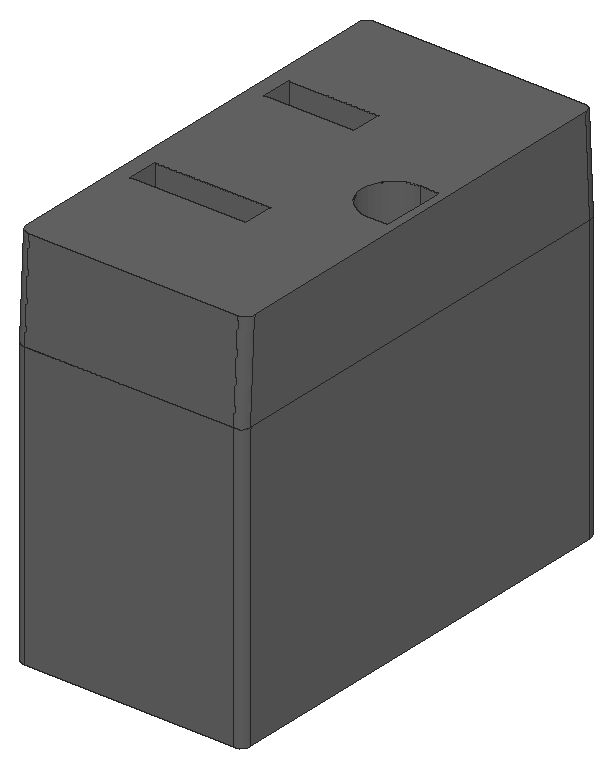
Revit family "Domotics-DomesticRanges-GEWISS-SYSTEM_POWER-SOCKET-OUTLET_USA_125V", category Apparecchi elettrici, host Superficie, Revit 2016
Family settings
  Host = Superficie
  Mantenere orientamento annotazione = Sì
  Tipo di parte = Normale
  Quota connettore circolare = Usa diametro
  Taglio con vuoti quando caricato = Sì
  Condiviso = Sì
  Punto di calcolo locali = Sì
Parameters (values of type "GW21214 - 2P+E 15A 125V usa s.-outlet black")
  Voltage: = "250/125V AC"
  Voltage = "250/125V AC"
  Volt = 230 V
  Vista in pianta [instance] = yes
  Version file RFA = "19.4"
  URL = "https://www.gewiss.com/ww/en"
  Tipo = System Prese Usa_GENERICO : GW21214 Presa 2P+T 15A 125V standard USA nero
  Technical sheet = "https://www.gewiss.com/ww/en/search?q=GW21214"
  TXT ELETTRICO = "15"
  Standard: = "USA"
  Standard = "USA"
  Simbolo [instance] = yes
  Shape = "Parallel horizontal"
  SEO = "Socket outlet"
  Realized by GEWISS S.p.A. = ""
  Default Elevation = 1219.2 mm
  Produttore = "GEWISS S.p.A."
  Offset presa [instance] = 0 mm
  Offset bidimensionale [instance] = 39 mm
  No. SYSTEM modules = "1"
  N. poli = 1
  Modello = "GW21214"
  Immagine tipo = GW21214.jpg
  IFC.TypeObject = ""
  IFC.ExportType = ""
  IFC.ExportAs = ""
  IDT = "fad1e021-e11a-42c0-b11a-ea34ad6a3e0e"
  IDF = "6c3631f0-4860-44a4-90e4-88446daf7761"
  For plug pins = "Flat"
  Electrocod = "0131"
  EAN code = "8011564128545"
  Distanza_x [instance] = 0 mm
  Distanza_effettiva_y [instance] = 100 mm
  Distanza_effettiva_x [instance] = 1000 mm - Distanza_x  # 1000 mm
  Distanza orizzontale del simbolo [instance] = 30.436 mm
  Distanza dal muro [instance] = 4.208 mm
  Descrizione = "2P+E 15A 125V USA S.-OUTLET SY/BK"
  Description: = "2P+E - 15A 125V ac"
  Description. = "USA"
  Colour = "Black"
  Catalogue Range = "SYSTEM - DOMESTIC RANGE"
  Catalogue = "DOMOTICS"
  Carico apparente = 0 VA
  COBie.Tagnumber = ""
  COBie.CreatedOn = ""
  COBie.CreatebBy = ""
  COBie.ComponentRegisterItemID = ""
  COBie.Component.TagNumber = ""
  COBie.Component.Space = ""
  COBie.Component.SerialNumber = ""
  COBie.Component.InstallationDate = ""
  COBie.Component.Description = ""
  COBie.Component.BarCode = ""
Types (2, lengths in mm): name | Tipo | Technical sheet | Modello | Immagine tipo | IDT | EAN code | Descrizione | Description: | Colour
  GW20214 - 2P+E 15A 125V usa s.-outlet white | System Prese Usa_GENERICO : GW20214 Presa 2P+T 15A 125V standard USA bianco | "https://www.gewiss.com/ww/en/search?q=GW20214" | "GW20214" | GW20214.jpg | "a5f152ea-a662-4689-b253-843633f666be" | "8011564000674" | "2P+E 15A 125V USA S.-OUTLET SY/WT" | "2P+E - 15A - 125V ac" | "White"
  GW21214 - 2P+E 15A 125V usa s.-outlet black | System Prese Usa_GENERICO : GW21214 Presa 2P+T 15A 125V standard USA nero | "https://www.gewiss.com/ww/en/search?q=GW21214" | "GW21214" | GW21214.jpg | "fad1e021-e11a-42c0-b11a-ea34ad6a3e0e" | "8011564128545" | "2P+E 15A 125V USA S.-OUTLET SY/BK" | "2P+E - 15A 125V ac" | "Black"
Reference planes
  plane 1 "Centro (Fronte/Retro)": y = 0
  plane 2: z = 0
  plane 3 "Centro (Sinistra/Destra)": x = 0
  plane 4: x = -1000
  plane 5: x = 0
  plane 6: y = 100
  plane 7: z = 0
  plane 8 "Piano bidimensionale": z = 39
  plane 9: z = 39
Lines and regions (mm)
  Masking region 1, visible <- "Vista in pianta"
    outline origin (0, 0, 0) x (1, 0, 0) y (0, 1, 0)
      loop
        line (11.6, -22.5) -> (11.6, 22.5) -> (-11.6, 22.5) -> (-11.6, -22.5) -> (11.6, -22.5)
      loop
        line (-10, 7.129) -> (-0.872, 7.129) -> (-0.872, 10.313) -> (-10, 10.313) -> (-10, 7.129)
      loop
        arc (8.773, 3.506) -> (5.48, 0.212) -> (8.773, -3.082) r 3.294
        line (8.773, -3.082) -> (10.75, -3.082) -> (10.75, 3.506) -> (8.773, 3.506)
      loop
        line (1.763, -6.705) -> (-10, -6.705) -> (-10, -9.889) -> (1.763, -9.889) -> (1.763, -6.705)
  Masking region 2, visible <- "Vista in pianta"
    outline origin (0, 0, 0) x (1, 0, 0) y (0, 0, 1)
      loop
        line (11.6, 0) -> (11.6, 39) -> (-11.6, 39) -> (-11.6, 0) -> (11.6, 0)
  Masking region 3, visible <- "Vista in pianta"
    outline origin (0, 0, 0) x (0, 1, 0) y (0, 0, 1)
      loop
        line (22.5, 0) -> (22.5, 39) -> (-22.5, 39) -> (-22.5, 0) -> (22.5, 0)
  model lines, style "0", detail levels coarse
    curve 1: line (11.5, -22.5, 39) -> (-11.5, -22.5, 39)
    curve 2: line (-11.5, -22.5, 39) -> (-11.5, 22.5, 39)
    curve 3: line (-11.5, 22.5, 39) -> (11.5, 22.5, 39)
    curve 4: line (11.5, 22.5, 39) -> (11.5, -22.5, 39)
    curve 5: line (-1.074, 10.101, 39) -> (-9.309, 10.101, 39)
    curve 6: line (-9.309, 10.101, 39) -> (-9.309, 6.917, 39)
    curve 7: line (-9.309, 6.917, 39) -> (-1.074, 6.917, 39)
    curve 8: line (-1.074, 6.917, 39) -> (-1.074, 10.101, 39)
    curve 9: line (1.561, -10.101, 39) -> (-9.309, -10.101, 39)
    curve 10: line (-9.309, -10.101, 39) -> (-9.309, -6.917, 39)
    curve 11: line (-9.309, -6.917, 39) -> (1.561, -6.917, 39)
    curve 12: line (1.561, -6.917, 39) -> (1.561, -10.101, 39)
    curve 13: line (7.662, 3.294, 39) -> (9.638, 3.294, 39)
    curve 14: line (9.638, 3.294, 39) -> (9.638, -3.294, 39)
    curve 15: line (9.638, -3.294, 39) -> (7.662, -3.294, 39)
    curve 16: arc (7.662, 3.294, 39) -> (4.368, 0, 39) -> (7.662, -3.294, 39) r 3.294
  model lines, style "0", not visible, detail levels coarse
    curve 17: line (97.651, 7.086, 39) -> (74.651, 7.086, 39)
    curve 18: line (74.651, 7.086, 39) -> (74.651, 52.086, 39)
    curve 19: line (74.651, 52.086, 39) -> (97.651, 52.086, 39)
    curve 20: line (97.651, 52.086, 39) -> (97.651, 7.086, 39)
    curve 21: line (85.077, 39.687, 39) -> (76.842, 39.687, 39)
    curve 22: line (76.842, 39.687, 39) -> (76.842, 36.502, 39)
    curve 23: line (76.842, 36.502, 39) -> (85.077, 36.502, 39)
    curve 24: line (85.077, 36.502, 39) -> (85.077, 39.687, 39)
    curve 25: line (87.712, 19.484, 39) -> (76.842, 19.484, 39)
    curve 26: line (76.842, 19.484, 39) -> (76.842, 22.669, 39)
    curve 27: line (76.842, 22.669, 39) -> (87.712, 22.669, 39)
    curve 28: line (87.712, 22.669, 39) -> (87.712, 19.484, 39)
    curve 29: line (93.813, 32.879, 39) -> (95.789, 32.879, 39)
    curve 30: line (95.789, 32.879, 39) -> (95.789, 26.292, 39)
    curve 31: line (95.789, 26.292, 39) -> (93.813, 26.292, 39)
    curve 32: arc (93.813, 32.879, 39) -> (90.519, 29.586, 39) -> (93.813, 26.292, 39) r 3.294
Dimensions and locks
  plane 4 to plane 3 "Centro (Sinistra/Destra)" = 1000 mm
  "Distanza_effettiva_x": plane 4 to plane 5
  "Distanza_effettiva_y": plane 6 to plane 1 "Centro (Fronte/Retro)"
  "Offset bidimensionale": plane 8 "Piano bidimensionale" to host face
  "Offset presa": plane 7 to host face
  locked: plane 9 to plane 7 at 39
  aligned and locked: plane 2 to host face
  aligned and locked: level to host face
  aligned and locked: plane 5 to nested 1
  aligned and locked: nested 1 to plane 6
  aligned and locked: plane 3 "Centro (Sinistra/Destra)" to nested 2
  aligned and locked: plane 1 "Centro (Fronte/Retro)" to nested 2
  aligned and locked: nested 2 to plane 7
  aligned and locked: nested 2 to plane 9  (x3)
  aligned and locked: Masking region 2 sketch curve to nested 2  (x2)
  aligned and locked: Masking region 2 to plane 7
  aligned and locked: plane 7 to nested 2  (x2)
  aligned and locked: Masking region 2 to plane 9
  aligned and locked: plane 9 to nested 2
  aligned and locked: Masking region 3 sketch curve to nested 2  (x2)
  aligned and locked: Masking region 3 to plane 7
  aligned and locked: plane 9 to Masking region 3
Automatic sketch dimensions
  host sketch curve to host sketch curve = 2438.4 mm  (x2)
  Masking region 1 sketch curve to plane 3 "Centro (Sinistra/Destra)" = 11.6 mm
  plane 3 "Centro (Sinistra/Destra)" to Masking region 1 sketch curve = 11.6 mm
  plane 1 "Centro (Fronte/Retro)" to Masking region 1 sketch curve = 22.5 mm
  Masking region 1 sketch curve to plane 1 "Centro (Fronte/Retro)" = 22.5 mm
  Masking region 1 sketch curve to plane 3 "Centro (Sinistra/Destra)" = 10 mm  (x2)
  Masking region 1 sketch curve to plane 1 "Centro (Fronte/Retro)" = 7.129 mm
  Masking region 1 sketch curve to plane 3 "Centro (Sinistra/Destra)" = 0.872 mm
  Masking region 1 sketch curve to Masking region 1 sketch curve = 3.184 mm  (x2)
  Masking region 1 sketch curve to plane 1 "Centro (Fronte/Retro)" = 3.506 mm
  plane 3 "Centro (Sinistra/Destra)" to Masking region 1 sketch curve = 8.773 mm
  Masking region 1 sketch curve to plane 1 "Centro (Fronte/Retro)" = 0.212 mm
  Masking region 1 sketch curve to Masking region 1 sketch curve = 1.976 mm
  plane 3 "Centro (Sinistra/Destra)" to Masking region 1 sketch curve = 1.763 mm
  plane 1 "Centro (Fronte/Retro)" to Masking region 1 sketch curve = 6.705 mm
  Masking region 2 sketch curve to plane 7 = 0 mm
  Masking region 2 sketch curve to plane 9 = 0 mm
  Masking region 3 sketch curve to plane 7 = 0 mm
  Masking region 3 sketch curve to plane 9 = 0 mm
Nested families
  nested 1: "SIMBOLO PRESE" at (0, 100, 0), TESTO ELETTRICO <- "TXT ELETTRICO", Distanza dal muro <- "Distanza dal muro", SIMBOLO <- "Simbolo", visible <- "Simbolo", type "PRESA"
    with TESTO ELETTRICO "15", SIMBOLO yes, Distanza dal muro 4.208 mm, BORDO ACCESO yes
  nested 2: "System Prese Usa_GENERICO" at (0, 0, 0), type <- "Tipo", type "GW21214 Presa 2P+T 15A 125V standard USA nero", detail levels medium+fine
Connectors
  electrical at (0, 0, 0), driven by "N. poli", driven by "Volt", driven by "Carico apparente"
    settings: on nested 2, index 1, voltage 230 V, apparent load 0 VA, apparent load phase1 0 VA, apparent load phase2 0 VA, apparent load phase3 0 VA, power factor 1, load classification "Altro", number of poles 1, system type 31, power factor state 1, is connector primary yes, connector utility no, sub classification motor no, connector description ""
Definition of nested family "System Prese Usa_GENERICO"
  Parameters (values of type "GW21214 Presa 2P+T 15A 125V standard USA nero")
    L = 23.2 mm
    Finitura Presa USA = none
    Altezza da Terra = 750 mm
  Types (4, lengths in mm): name | L
    GW20214 Presa 2P+T 15A 125V standard USA bianco | 23.2
    GW21214 Presa 2P+T 15A 125V standard USA nero | 23.2
    GW20216 Presa 2P+T 15A 250V standard USA bianco | 23
    GW21216 Presa 2P+T 15A 250V standard USA nero | 23.2
  Reference planes
    plane 1 "Centro (Fronte/Retro)": y = 0
    plane 2: z = 0
    plane 3 "Centro (Sinistra/Destra)": x = 0
    plane 4: y = -22.5
    plane 5: y = 22.5
    plane 6: x = -11.6
    plane 7: x = 11.6
    plane 8: z = 39
    plane 9: z = 29
  Forms (mm)
    Extrusion 1, solid, material <- "Finitura Presa USA"
      sketch origin (0, -772.5, 2.5) x (1, 0, 0) y (0, 1, 0)
        loop
          arc (-10.6, 795) -> (-11.307, 794.707) -> (-11.6, 794) r 1
          line (-11.6, 794) -> (-11.6, 751)
          arc (-11.6, 751) -> (-11.307, 750.293) -> (-10.6, 750) r 1
          line (-10.6, 750) -> (10.6, 750)
          arc (10.6, 750) -> (11.307, 750.293) -> (11.6, 751) r 1
          line (11.6, 751) -> (11.6, 794)
          arc (11.6, 794) -> (11.307, 794.707) -> (10.6, 795) r 1
          line (10.6, 795) -> (-10.6, 795)
      from 26.5 to -2.5
    Blend 2, solid, material <- "Finitura Presa USA"
      base sketch origin (-1.9, -1122.029, 2.5) x (1, 0, 0) y (0, 1, 0)
        loop
          arc (-8.7, 1144.529) -> (-9.407, 1144.236) -> (-9.7, 1143.529) r 1
          line (-9.7, 1143.529) -> (-9.7, 1100.529)
          arc (-9.7, 1100.529) -> (-9.407, 1099.822) -> (-8.7, 1099.529) r 1
          line (-8.7, 1099.529) -> (12.5, 1099.529)
          arc (12.5, 1099.529) -> (13.207, 1099.822) -> (13.5, 1100.529) r 1
          line (13.5, 1100.529) -> (13.5, 1143.529)
          arc (13.5, 1143.529) -> (13.207, 1144.236) -> (12.5, 1144.529) r 1
          line (12.5, 1144.529) -> (-8.7, 1144.529)
      top sketch origin (-1.9, -1122.029, 7.5) x (1, 0, 0) y (0, 1, 0)
        loop
          arc (-8.7, 1144.029) -> (-9.407, 1143.736) -> (-9.7, 1143.029) r 1
          line (-9.7, 1143.029) -> (-9.7, 1101.029)
          arc (-9.7, 1101.029) -> (-9.407, 1100.322) -> (-8.7, 1100.029) r 1
          line (-8.7, 1100.029) -> (12.5, 1100.029)
          arc (12.5, 1100.029) -> (13.207, 1100.322) -> (13.5, 1101.029) r 1
          line (13.5, 1101.029) -> (13.5, 1143.029)
          arc (13.5, 1143.029) -> (13.207, 1143.736) -> (12.5, 1144.029) r 1
          line (12.5, 1144.029) -> (-8.7, 1144.029)
      from 26.5 to 31.5
    Blend 3, solid, material <- "Finitura Presa USA", not visible
      base sketch origin (45.692, -1122.029, 2.5) x (1, 0, 0) y (0, 1, 0)
        loop
          arc (-12.5, 1144.529) -> (-13.207, 1144.236) -> (-13.5, 1143.529) r 1
          line (-13.5, 1143.529) -> (-13.5, 1100.529)
          arc (-13.5, 1100.529) -> (-13.207, 1099.822) -> (-12.5, 1099.529) r 1
          line (-12.5, 1099.529) -> (12.5, 1099.529)
          arc (12.5, 1099.529) -> (13.207, 1099.822) -> (13.5, 1100.529) r 1
          line (13.5, 1100.529) -> (13.5, 1143.529)
          arc (13.5, 1143.529) -> (13.207, 1144.236) -> (12.5, 1144.529) r 1
          line (12.5, 1144.529) -> (-12.5, 1144.529)
      top sketch origin (45.692, -1122.029, 7.5) x (1, 0, 0) y (0, 1, 0)
        loop
          arc (-12, 1144.029) -> (-12.707, 1143.736) -> (-13, 1143.029) r 1
          line (-13, 1143.029) -> (-13, 1101.029)
          arc (-13, 1101.029) -> (-12.707, 1100.322) -> (-12, 1100.029) r 1
          line (-12, 1100.029) -> (12, 1100.029)
          arc (12, 1100.029) -> (12.707, 1100.322) -> (13, 1101.029) r 1
          line (13, 1101.029) -> (13, 1143.029)
          arc (13, 1143.029) -> (12.707, 1143.736) -> (12, 1144.029) r 1
          line (12, 1144.029) -> (-12, 1144.029)
      from 0 to 0
    Extrusion 4, void, not visible
      sketch origin (0, 0, 0) x (1, 0, 0) y (0, 1, 0)
        loop
          line (38.817, 15.152) -> (35.633, 15.152) -> (35.633, 6.917) -> (38.817, 6.917) -> (38.817, 15.152)
        loop
          line (57.33, 3.294) -> (55.353, 3.294)
          arc (55.353, 3.294) -> (52.06, 0) -> (55.353, -3.294) r 3.294
          line (55.353, -3.294) -> (57.33, -3.294) -> (57.33, 3.294)
        loop
          line (38.817, -15.152) -> (38.817, -6.917) -> (35.633, -6.917) -> (35.633, -15.152) -> (38.817, -15.152)
      from 0 to 7.5
    Blend 5, solid, material <- "Finitura Presa USA", not visible
      base sketch origin (-33.182, -1122.029, 2.5) x (1, 0, 0) y (0, 1, 0)
        loop
          arc (-12.5, 1144.529) -> (-13.207, 1144.236) -> (-13.5, 1143.529) r 1
          line (-13.5, 1143.529) -> (-13.5, 1100.529)
          arc (-13.5, 1100.529) -> (-13.207, 1099.822) -> (-12.5, 1099.529) r 1
          line (-12.5, 1099.529) -> (12.5, 1099.529)
          arc (12.5, 1099.529) -> (13.207, 1099.822) -> (13.5, 1100.529) r 1
          line (13.5, 1100.529) -> (13.5, 1143.529)
          arc (13.5, 1143.529) -> (13.207, 1144.236) -> (12.5, 1144.529) r 1
          line (12.5, 1144.529) -> (-12.5, 1144.529)
      top sketch origin (-33.182, -1122.029, 7.5) x (1, 0, 0) y (0, 1, 0)
        loop
          arc (-12, 1144.029) -> (-12.707, 1143.736) -> (-13, 1143.029) r 1
          line (-13, 1143.029) -> (-13, 1101.029)
          arc (-13, 1101.029) -> (-12.707, 1100.322) -> (-12, 1100.029) r 1
          line (-12, 1100.029) -> (12, 1100.029)
          arc (12, 1100.029) -> (12.707, 1100.322) -> (13, 1101.029) r 1
          line (13, 1101.029) -> (13, 1143.029)
          arc (13, 1143.029) -> (12.707, 1143.736) -> (12, 1144.029) r 1
          line (12, 1144.029) -> (-12, 1144.029)
      from 0 to 0
    Extrusion 6, void, not visible
      sketch origin (-78.874, 0, 0) x (1, 0, 0) y (0, 1, 0)
        loop
          line (34.383, -6.917) -> (34.383, -10.101) -> (45.252, -10.101) -> (45.252, -6.917) -> (34.383, -6.917)
        loop
          line (34.383, 10.101) -> (34.383, 6.917) -> (42.617, 6.917) -> (42.617, 10.101) -> (34.383, 10.101)
        loop
          line (57.33, 3.294) -> (55.353, 3.294)
          arc (55.353, 3.294) -> (52.06, 0) -> (55.353, -3.294) r 3.294
          line (55.353, -3.294) -> (57.33, -3.294) -> (57.33, 3.294)
      from 2.5 to 7.5
    Extrusion 7, void
      sketch origin (0, 0, 0) x (1, 0, 0) y (0, 1, 0)
        loop
          line (-10, 7.129) -> (-0.872, 7.129) -> (-0.872, 10.313) -> (-10, 10.313) -> (-10, 7.129)
        loop
          arc (8.773, 3.506) -> (5.48, 0.212) -> (8.773, -3.082) r 3.294
          line (8.773, -3.082) -> (10.75, -3.082) -> (10.75, 3.506) -> (8.773, 3.506)
        loop
          line (1.763, -6.705) -> (-10, -6.705) -> (-10, -9.889) -> (1.763, -9.889) -> (1.763, -6.705)
      from 29 to 39
  Cuts and joins
    Extrusion 7 cuts Blend 2
    Extrusion 7 cuts Extrusion 1
  Dimensions and locks
    equal spacing: plane 6, plane 3 "Centro (Sinistra/Destra)", plane 7
    "L": plane 6 to plane 7
    plane 8 to level = 39 mm
    plane 8 to plane 9 = 10 mm
    aligned and locked: level to plane 2
    aligned and locked: plane 6 to Blend 2 sketch curve
    aligned and locked: Extrusion 7 to Extrusion 1
    aligned and locked: cut or joined group of Blend 2, Extrusion 7 to Extrusion 7
    aligned and locked: Extrusion 1 to cut or joined group of Blend 2, Extrusion 7
    aligned and locked: Extrusion 7 to plane 9
  Automatic sketch dimensions
    Extrusion 1 sketch curve to plane 4 = 0 mm
    Extrusion 1 sketch curve to plane 5 = 0 mm
    plane 4 to Extrusion 1 sketch curve = 1 mm
    Extrusion 1 sketch curve to plane 6 = 0 mm
    Extrusion 1 sketch curve to Extrusion 1 sketch curve = 1 mm  (x2)
    Extrusion 1 sketch curve to plane 7 = 1 mm  (x2)
    Blend 2 sketch curve to plane 4 = 0 mm
    Blend 2 sketch curve to plane 5 = 0 mm
    plane 4 to Blend 2 sketch curve = 1 mm
    Blend 2 sketch curve to Blend 2 sketch curve = 1 mm  (x4)
    Blend 2 sketch curve to plane 7 = 1 mm  (x4)
    Blend 2 sketch curve to plane 6 = 0 mm
    plane 4 to Blend 2 sketch curve = 0.5 mm
    plane 6 to Blend 2 sketch curve = 1 mm
    Blend 2 sketch curve to plane 5 = 1.5 mm
    plane 6 to Extrusion 7 sketch curve = 1.6 mm  (x2)
    Extrusion 7 sketch curve to plane 1 "Centro (Fronte/Retro)" = 7.129 mm
    Extrusion 7 sketch curve to Extrusion 7 sketch curve = 3.184 mm  (x2)
    Extrusion 7 sketch curve to plane 3 "Centro (Sinistra/Destra)" = 0.872 mm
    Extrusion 7 sketch curve to plane 7 = 2.827 mm
    Extrusion 7 sketch curve to plane 1 "Centro (Fronte/Retro)" = 3.506 mm
    Extrusion 7 sketch curve to plane 1 "Centro (Fronte/Retro)" = 0.212 mm
    Extrusion 7 sketch curve to plane 7 = 0.85 mm
    plane 3 "Centro (Sinistra/Destra)" to Extrusion 7 sketch curve = 1.763 mm
    plane 1 "Centro (Fronte/Retro)" to Extrusion 7 sketch curve = 6.705 mm
Definition of nested family "SIMBOLO PRESE"
  Parameters (values of type "PRESA")
    TESTO ELETTRICO [instance] = "TXT"
    Simbolo = SIMBOLO PRESE_BASE : PRESA
    SIMBOLO [instance] = yes
    Distanza dal muro [instance] = 4.208 mm
    BORDO ACCESO [instance] = yes
  Reference planes
    plane 1: y = 0
    plane 2: x = 0
  Dimensions and locks
    aligned and locked: plane 1 to nested 1
    aligned and locked: plane 2 to nested 1
  Nested families
    nested 1: "SIMBOLO PRESE_BASE" at (0, 0, 0), type <- "Simbolo", TESTO ELETTRICO <- "TESTO ELETTRICO", BORDO ACCESO <- "BORDO ACCESO", visible <- "SIMBOLO", type "PRESA"
      with TESTO ELETTRICO "TXT", BORDO ACCESO yes
  Definition of nested family "SIMBOLO PRESE_BASE"
    Parameters (values of type "PRESA")
      TESTO ELETTRICO [instance] = "TXT"
      Distanza dal muro = 4.208 mm
      BORDO ACCESO [instance] = yes
    Reference planes
      plane 1: y = 0
      plane 2: x = 0
    Lines and regions (mm)
      detail lines, visible <- "BORDO ACCESO", not visible
        curve 1: line (-1.743, 9.208, 0) -> (2.057, 9.208, 0)
        curve 2: line (2.057, 9.208, 0) -> (2.057, 4.208, 0)
        curve 3: line (2.057, 4.208, 0) -> (-1.743, 4.208, 0)
        curve 4: line (-1.743, 4.208, 0) -> (-1.743, 9.208, 0)
        curve 5: line (-1.543, 9.008, 0) -> (1.857, 9.008, 0)
        curve 6: line (1.857, 9.008, 0) -> (1.857, 4.408, 0)
        curve 7: line (1.857, 4.408, 0) -> (-1.543, 4.408, 0)
        curve 8: line (-1.543, 4.408, 0) -> (-1.543, 9.008, 0)
      detail lines
        curve 9: line (0.783, 1.133, 0) -> (-0.783, 1.133, 0)
        curve 10: line (0, 1.133, 0) -> (0, 0.349, 0)
        curve 11: arc (-0.783, 1.916, 0) -> (0, 1.133, 0) -> (0.783, 1.916, 0) r 0.783
    Text (mm)
      label "TXT" at (0.016, 1.578, 0), shows "TESTO ELETTRICO"
